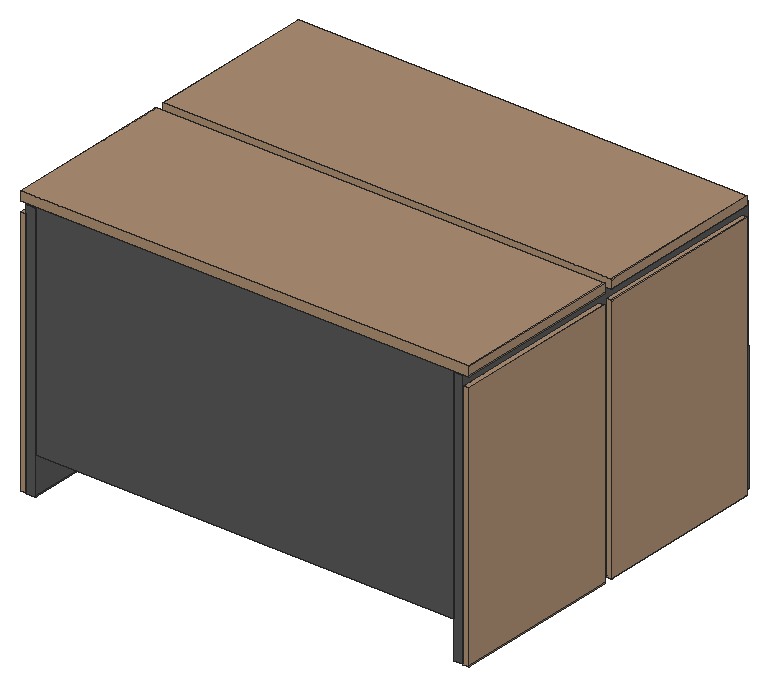
Revit family "Sanitary_Compound-Units_hansgrohe_54260XXX-Xilesa-E-Vanity-unit_780-470_2-drawer_wash-basin", category Furniture, host Face, Revit 2022
Family settings
  Host = Face
  OmniClass Number = 23.21.19.15.33.13
  OmniClass Title = Residential Bathroom Specialty Casework
  Cut with Voids When Loaded = No
  Render Appearance Source = Family Geometry
  Shared = No
  Room Calculation Point = No
Parameters (values of type "550 Cashmere Oak")
  Version = 1  # constant formula
  URL = "https://www.hansgrohe.com/"
  Product data url = "https://www.bimobject.com/en/hansgrohe/product/54260XXX"
  Product Page URL = "https://www.hansgrohe.com/articledetail--54260550"
  Model = "54260XXX"  # constant formula
  Material 3 = Hansgrohe - Metal - Black
  Material 2 = Hansgrohe - MDF - Matt Black
  Material 1 = Hansgrohe - MDF - 550 Cashmere Oak
  Manufacturer = "Hansgrohe"  # constant formula
  Height = 0 mm
  Description = "Xilesa E Vanity unit 780/470 with 2 drawers for wash basin"  # constant formula
  Default Elevation = 0 mm
  Date Updated = ""
  Date Created = "2024/02/03"  # constant formula
Types (5, lengths in mm): name | Material 1
  (no name) | Hansgrohe - MDF - 550 Cashmere Oak
  550 Cashmere Oak | Hansgrohe - MDF - 550 Cashmere Oak
  700 Matt White | Hansgrohe - MDF - 700 Matt White
  760 Slate Matt Grey | Hansgrohe - MDF - 760 Slate Matt Grey
  780 Sand Matt Beige | Hansgrohe - MDF - 780 Sand Matt Beige
Reference planes
  plane 1 "Center (Front/Back)": y = 0
  plane 2: z = 0
  plane 3 "Center (Left/Right)": x = 0
  plane 4: x = -390
  plane 5: x = 390
  plane 6: y = -620
  plane 7: z = 468
Dimensions and locks
  aligned and locked: plane 2 to host face
  aligned and locked: level to host face
Nested families
  nested 1: "54260XXX" at (0, -620, 0) x (1, 0, 0) z (0, 1, 0), Material 1 <- "Material 1", Material 2 <- "Material 2", Material 3 <- "Material 3", type "54260XXX"
    with Material 3 Hansgrohe - Metal - Black, Material 2 Hansgrohe - MDF - Matt Black, Material 1 Hansgrohe - MDF - 550 Cashmere Oak
Definition of nested family "54260XXX"
  Parameters (values of type "54260XXX")
    Version = 1  # constant formula
    URL = "https://www.hansgrohe.com/"
    Product data url = "https://www.bimobject.com/en/hansgrohe/product/54260XXX"
    Product Page URL = "https://www.hansgrohe.com/articledetail--54260550"
    Model = "54260XXX"  # constant formula
    Material 3 [instance] = none
    Material 2 [instance] = none
    Material 1 [instance] = none
    Manufacturer = "Hansgrohe"  # constant formula
    Description = "Xilesa E Vanity unit 780/470 with 2 drawers for wash basin"  # constant formula
    Default Elevation = 1219.2 mm
    Date Updated = ""
    Date Created = "2024/12/16"  # constant formula
  Reference planes
    plane 1 "Center (Front/Back)": y = 0
    plane 2: z = 0
    plane 3 "Center (Left/Right)": x = 0
  Forms (mm)
    Extrusion 1, solid, material <- "Material 1", detail levels medium+fine
      sketch origin (0, 0, 0) x (1, 0, 0) y (0, 1, 0)
        loop
          line (-380.6, 0) -> (-389.2, 0)
          arc (-389.2, 0) -> (-389.766, -0.234) -> (-390, -0.8) r 0.8
          line (-390, -0.8) -> (-390, -433.9)
          arc (-390, -433.9) -> (-389.766, -434.466) -> (-389.2, -434.7) r 0.8
          line (-389.2, -434.7) -> (-380.6, -434.7)
          arc (-380.6, -434.7) -> (-380.034, -434.466) -> (-379.8, -433.9) r 0.8
          line (-379.8, -433.9) -> (-379.8, -0.8)
          arc (-379.8, -0.8) -> (-380.034, -0.234) -> (-380.6, 0) r 0.8
        loop
          arc (380.6, 0) -> (380.034, -0.234) -> (379.8, -0.8) r 0.8
          line (379.8, -0.8) -> (379.8, -433.9)
          arc (379.8, -433.9) -> (380.034, -434.466) -> (380.6, -434.7) r 0.8
          line (380.6, -434.7) -> (389.2, -434.7)
          arc (389.2, -434.7) -> (389.766, -434.466) -> (390, -433.9) r 0.8
          line (390, -433.9) -> (390, -0.8)
          arc (390, -0.8) -> (389.766, -0.234) -> (389.2, 0) r 0.8
          line (389.2, 0) -> (380.6, 0)
      from 0 to 295
    Extrusion 2, solid, material <- "Material 1", detail levels medium+fine
      sketch origin (0, -90, 0) x (1, 0, 0) y (0, 1, 0)
        loop
          line (-389.2, -378) -> (389.2, -378)
          arc (389.2, -378) -> (389.766, -377.766) -> (390, -377.2) r 0.8
          line (390, -377.2) -> (390, -362.5)
          arc (390, -362.5) -> (389.766, -361.934) -> (389.2, -361.7) r 0.8
          line (389.2, -361.7) -> (-389.2, -361.7)
          arc (-389.2, -361.7) -> (-389.766, -361.934) -> (-390, -362.5) r 0.8
          line (-390, -362.5) -> (-390, -377.2)
          arc (-390, -377.2) -> (-389.766, -377.766) -> (-389.2, -378) r 0.8
      from 0 to 295
    Extrusion 3, solid, material <- "Material 2", detail levels medium+fine
      sketch origin (0, 0, 0) x (1, 0, 0) y (0, 1, 0)
        loop
          line (-379.8, -0.8) -> (-379.8, -448.9)
          arc (-379.8, -448.9) -> (-379.566, -449.466) -> (-379, -449.7) r 0.8
          line (-379, -449.7) -> (-364.6, -449.7)
          arc (-364.6, -449.7) -> (-364.034, -449.466) -> (-363.8, -448.9) r 0.8
          line (-363.8, -448.9) -> (-363.8, -0.8)
          arc (-363.8, -0.8) -> (-364.034, -0.234) -> (-364.6, 0) r 0.8
          line (-364.6, 0) -> (-379, 0)
          arc (-379, 0) -> (-379.566, -0.234) -> (-379.8, -0.8) r 0.8
        loop
          arc (379.8, -0.8) -> (379.566, -0.234) -> (379, 0) r 0.8
          line (379, 0) -> (364.6, 0)
          arc (364.6, 0) -> (364.034, -0.234) -> (363.8, -0.8) r 0.8
          line (363.8, -0.8) -> (363.8, -448.9)
          arc (363.8, -448.9) -> (364.034, -449.466) -> (364.6, -449.7) r 0.8
          line (364.6, -449.7) -> (379, -449.7)
          arc (379, -449.7) -> (379.566, -449.466) -> (379.8, -448.9) r 0.8
          line (379.8, -448.9) -> (379.8, -0.8)
      from 0 to 620
    Extrusion 4, solid, material <- "Material 2", detail levels fine
      sketch origin (0, 0, 0) x (1, 0, 0) y (0, 1, 0)
        loop
          line (-363.8, -65.2) -> (-363.8, -81.2) -> (363.8, -81.2) -> (363.8, -65.2) -> (-363.8, -65.2)
      from 17 to 125
    Extrusion 5, solid, material <- "Material 2", detail levels fine
      sketch origin (0, 0, 0) x (1, 0, 0) y (0, 1, 0)
        loop
          line (-363.8, -64.7) -> (-363.8, -451.7) -> (363.8, -451.7) -> (363.8, -64.7) -> (-363.8, -64.7)
      from 1 to 17
    Extrusion 6, solid, material <- "Material 3", detail levels fine
      sketch origin (0, -90, 0) x (1, 0, 0) y (0, 1, 0)
        loop
          line (-362.3, -356.9) -> (-362.3, -329.2) -> (-363.8, -329.2) -> (-363.8, -356.9)
          arc (-363.8, -356.9) -> (-363.126, -358.527) -> (-361.5, -359.2) r 2.3
          line (-361.5, -359.2) -> (361.5, -359.2)
          arc (361.5, -359.2) -> (363.126, -358.527) -> (363.8, -356.9) r 2.3
          line (363.8, -356.9) -> (363.8, -329.2) -> (362.3, -329.2) -> (362.3, -356.9)
          arc (362.3, -356.9) -> (362.066, -357.466) -> (361.5, -357.7) r 0.8
          line (361.5, -357.7) -> (-361.5, -357.7)
          arc (-361.5, -357.7) -> (-362.066, -357.466) -> (-362.3, -356.9) r 0.8
      from 569.5 to 619.5
    Extrusion 7, solid, material <- "Material 3", detail levels fine
      sketch origin (150, 0, 1) x (1, 0, 0) y (0, 0, 1)
        loop
          line (198.3, 213.03) -> (198.3, 231.03) -> (183.3, 231.03) -> (183.3, 224.03) -> (192.95, 224.03) -> (192.95, 213.03) -> (198.3, 213.03)
      from 88.7 to 361.7
    Extrusion 8, solid, material <- "Material 3", detail levels fine
      sketch origin (150, 0, 1) x (1, 0, 0) y (0, 0, 1)
        loop
          line (200.05, 211.28) -> (200.05, 232.78) -> (181.55, 232.78) -> (181.55, 211.28) -> (200.05, 211.28)
      from 451.7 to 361.7
    Extrusion 9, solid, material <- "Material 3", detail levels fine
      sketch origin (0, 0, 1) x (1, 0, 0) y (0, 0, 1)
        loop
          line (-342.5, 223.8) -> (-342.5, 113.608) -> (-348.2, 97.947) -> (-348.2, 48) -> (-319.9, 48) -> (-319.9, 223.8) -> (-342.5, 223.8)
        loop
          line (342.5, 223.8) -> (319.9, 223.8) -> (319.9, 48) -> (348.2, 48) -> (348.2, 97.947) -> (342.5, 113.608) -> (342.5, 223.8)
      from 91.9 to 109.4
    Extrusion 10, void
      sketch origin (0, 0, 1) x (1, 0, 0) y (0, 0, 1)
        loop
          line (-341.5, 222.8) -> (-341.5, 113.431) -> (-347.2, 97.771) -> (-347.2, 49) -> (-320.9, 49) -> (-320.9, 222.8) -> (-341.5, 222.8)
        loop
          line (341.5, 222.8) -> (320.9, 222.8) -> (320.9, 49) -> (347.2, 49) -> (347.2, 97.771) -> (341.5, 113.431) -> (341.5, 222.8)
      from 91.9 to 108.7
    Extrusion 11, solid, material <- "Material 2", detail levels fine
      sketch origin (0, 0, 0) x (0, 1, 0) y (0, 0, 1)
        loop
          line (-92.7, 35.48) -> (-92.7, 114.5)
          arc (-92.7, 114.5) -> (-92.847, 114.854) -> (-93.2, 115) r 0.5
          line (-93.2, 115) -> (-108.2, 115)
          arc (-108.2, 115) -> (-108.554, 114.854) -> (-108.7, 114.5) r 0.5
          line (-108.7, 114.5) -> (-108.7, 35.48)
          arc (-108.7, 35.48) -> (-108.554, 35.126) -> (-108.2, 34.98) r 0.5
          line (-108.2, 34.98) -> (-93.2, 34.98)
          arc (-93.2, 34.98) -> (-92.847, 35.126) -> (-92.7, 35.48) r 0.5
      from -320 to 320
    Extrusion 12, solid, material <- "Material 3", detail levels fine
      sketch origin (-150, 0, 1) x (-1, 0, 0) y (0, 0, -1)
        loop
          line (198.3, -213.03) -> (192.95, -213.03) -> (192.95, -224.03) -> (183.3, -224.03) -> (183.3, -231.03) -> (198.3, -231.03) -> (198.3, -213.03)
      from 88.7 to 361.7
    Extrusion 13, solid, material <- "Material 3", detail levels fine
      sketch origin (-150, 0, 1) x (-1, 0, 0) y (0, 0, -1)
        loop
          line (200.05, -211.28) -> (181.55, -211.28) -> (181.55, -232.78) -> (200.05, -232.78) -> (200.05, -211.28)
      from 451.7 to 361.7
    Extrusion 14, solid, material <- "Material 1", detail levels coarse
      sketch origin (0, 0, 0) x (1, 0, 0) y (0, 1, 0)
        loop
          line (-390, -468) -> (390, -468) -> (390, 0) -> (363.8, 0) -> (363.8, -451.7) -> (-363.8, -451.7) -> (-363.8, 0) -> (-390, 0) -> (-390, -468)
      from 0 to 620
    Extrusion 15, solid, material <- "Material 1", detail levels medium+fine
      sketch origin (0, 0, 0) x (1, 0, 0) y (0, 1, 0)
        loop
          line (-380.6, 0) -> (-389.2, 0)
          arc (-389.2, 0) -> (-389.766, -0.234) -> (-390, -0.8) r 0.8
          line (-390, -0.8) -> (-390, -433.9)
          arc (-390, -433.9) -> (-389.766, -434.466) -> (-389.2, -434.7) r 0.8
          line (-389.2, -434.7) -> (-380.6, -434.7)
          arc (-380.6, -434.7) -> (-380.034, -434.466) -> (-379.8, -433.9) r 0.8
          line (-379.8, -433.9) -> (-379.8, -0.8)
          arc (-379.8, -0.8) -> (-380.034, -0.234) -> (-380.6, 0) r 0.8
        loop
          arc (380.6, 0) -> (380.034, -0.234) -> (379.8, -0.8) r 0.8
          line (379.8, -0.8) -> (379.8, -433.9)
          arc (379.8, -433.9) -> (380.034, -434.466) -> (380.6, -434.7) r 0.8
          line (380.6, -434.7) -> (389.2, -434.7)
          arc (389.2, -434.7) -> (389.766, -434.466) -> (390, -433.9) r 0.8
          line (390, -433.9) -> (390, -0.8)
          arc (390, -0.8) -> (389.766, -0.234) -> (389.2, 0) r 0.8
          line (389.2, 0) -> (380.6, 0)
      from 310 to 605
    Extrusion 16, solid, material <- "Material 1", detail levels medium+fine
      sketch origin (0, -90, 0) x (1, 0, 0) y (0, 1, 0)
        loop
          line (-389.2, -378) -> (389.2, -378)
          arc (389.2, -378) -> (389.766, -377.766) -> (390, -377.2) r 0.8
          line (390, -377.2) -> (390, -362.5)
          arc (390, -362.5) -> (389.766, -361.934) -> (389.2, -361.7) r 0.8
          line (389.2, -361.7) -> (-389.2, -361.7)
          arc (-389.2, -361.7) -> (-389.766, -361.934) -> (-390, -362.5) r 0.8
          line (-390, -362.5) -> (-390, -377.2)
          arc (-390, -377.2) -> (-389.766, -377.766) -> (-389.2, -378) r 0.8
      from 310 to 605
    Extrusion 17, solid, material <- "Material 2", detail levels fine
      sketch origin (0, 0, 311) x (1, 0, 0) y (0, 0, 1)
        loop
          line (-322.898, 33.98) -> (322.898, 33.98) -> (322.898, 48.98) -> (-322.898, 48.98) -> (-322.898, 33.98)
      from 109.4 to 451.7
    Extrusion 18, solid, material <- "Material 3", detail levels fine
      sketch origin (150, 0, 311) x (1, 0, 0) y (0, 0, 1)
        loop
          line (198.3, 213.03) -> (198.3, 231.03) -> (183.3, 231.03) -> (183.3, 224.03) -> (192.95, 224.03) -> (192.95, 213.03) -> (198.3, 213.03)
      from 88.7 to 361.7
    Extrusion 19, solid, material <- "Material 3", detail levels fine
      sketch origin (150, 0, 311) x (1, 0, 0) y (0, 0, 1)
        loop
          line (200.05, 211.28) -> (200.05, 232.78) -> (181.55, 232.78) -> (181.55, 211.28) -> (200.05, 211.28)
      from 451.7 to 361.7
    Extrusion 20, solid, material <- "Material 3", detail levels fine
      sketch origin (0, 0, 311) x (1, 0, 0) y (0, 0, 1)
        loop
          line (-342.5, 223.8) -> (-342.5, 113.608) -> (-348.2, 97.947) -> (-348.2, 48) -> (-319.9, 48) -> (-319.9, 223.8) -> (-342.5, 223.8)
        loop
          line (342.5, 223.8) -> (319.9, 223.8) -> (319.9, 48) -> (348.2, 48) -> (348.2, 97.947) -> (342.5, 113.608) -> (342.5, 223.8)
      from 91.9 to 109.4
    Extrusion 21, void
      sketch origin (0, 0, 311) x (1, 0, 0) y (0, 0, 1)
        loop
          line (-341.5, 222.8) -> (-341.5, 113.431) -> (-347.2, 97.771) -> (-347.2, 49) -> (-320.9, 49) -> (-320.9, 222.8) -> (-341.5, 222.8)
        loop
          line (341.5, 222.8) -> (320.9, 222.8) -> (320.9, 49) -> (347.2, 49) -> (347.2, 97.771) -> (341.5, 113.431) -> (341.5, 222.8)
      from 91.9 to 108.7
    Extrusion 22, solid, material <- "Material 3", detail levels fine
      sketch origin (-150, 0, 311) x (-1, 0, 0) y (0, 0, -1)
        loop
          line (198.3, -213.03) -> (192.95, -213.03) -> (192.95, -224.03) -> (183.3, -224.03) -> (183.3, -231.03) -> (198.3, -231.03) -> (198.3, -213.03)
      from 88.7 to 361.7
    Extrusion 23, solid, material <- "Material 3", detail levels fine
      sketch origin (-150, 0, 311) x (-1, 0, 0) y (0, 0, -1)
        loop
          line (200.05, -211.28) -> (181.55, -211.28) -> (181.55, -232.78) -> (200.05, -232.78) -> (200.05, -211.28)
      from 451.7 to 361.7
    Extrusion 24, solid, material <- "Material 2", detail levels fine
      sketch origin (0, -90, 0) x (1, 0, 0) y (0, 1, 0)
        loop
          line (-362.3, -356.9) -> (-362.3, -329.2) -> (-363.8, -329.2) -> (-363.8, -356.9)
          arc (-363.8, -356.9) -> (-363.126, -358.527) -> (-361.5, -359.2) r 2.3
          line (-361.5, -359.2) -> (361.5, -359.2)
          arc (361.5, -359.2) -> (363.126, -358.527) -> (363.8, -356.9) r 2.3
          line (363.8, -356.9) -> (363.8, -329.2) -> (362.3, -329.2) -> (362.3, -356.9)
          arc (362.3, -356.9) -> (362.066, -357.466) -> (361.5, -357.7) r 0.8
          line (361.5, -357.7) -> (-361.5, -357.7)
          arc (-361.5, -357.7) -> (-362.066, -357.466) -> (-362.3, -356.9) r 0.8
      from 277 to 327
    Extrusion 25, solid, material <- "Material 2", detail levels fine
      sketch origin (0, 0, 1) x (1, 0, 0) y (0, 0, 1)
        loop
          line (-322.898, 33.98) -> (322.898, 33.98) -> (322.898, 48.98) -> (-322.898, 48.98) -> (-322.898, 33.98)
      from 109.4 to 451.7
    Extrusion 26, solid, material <- "Material 2", detail levels fine
      sketch origin (0, 0, 310) x (0, 1, 0) y (0, 0, 1)
        loop
          line (-92.7, 35.48) -> (-92.7, 114.5)
          arc (-92.7, 114.5) -> (-92.847, 114.854) -> (-93.2, 115) r 0.5
          line (-93.2, 115) -> (-108.2, 115)
          arc (-108.2, 115) -> (-108.554, 114.854) -> (-108.7, 114.5) r 0.5
          line (-108.7, 114.5) -> (-108.7, 35.48)
          arc (-108.7, 35.48) -> (-108.554, 35.127) -> (-108.2, 34.98) r 0.5
          line (-108.2, 34.98) -> (-93.2, 34.98)
          arc (-93.2, 34.98) -> (-92.847, 35.127) -> (-92.7, 35.48) r 0.5
      from -320 to 320
    Extrusion 27, solid, material <- "Material 3", detail levels fine
      sketch origin (0, 0, 311) x (1, 0, 0) y (0, 0, 1)
        loop
          line (352.091, 33.98) -> (352.091, 115.48) -> (333.591, 115.48) -> (332.786, 100.114) -> (330.22, 99.98) -> (327.791, 53.623)
          arc (327.791, 53.623) -> (326.271, 50.325) -> (322.898, 48.98) r 4.9
          line (322.898, 48.98) -> (322.898, 33.98) -> (352.091, 33.98)
        loop
          line (-352.091, 33.98) -> (-322.898, 33.98) -> (-322.898, 48.98)
          arc (-322.898, 48.98) -> (-326.271, 50.325) -> (-327.791, 53.623) r 4.9
          line (-327.791, 53.623) -> (-330.22, 99.98) -> (-332.786, 100.114) -> (-333.591, 115.48) -> (-352.091, 115.48) -> (-352.091, 33.98)
      from 109.4 to 451.7
    Extrusion 28, solid, material <- "Material 3", detail levels fine
      sketch origin (0, 0, 1) x (1, 0, 0) y (0, 0, 1)
        loop
          line (352.091, 33.98) -> (352.091, 115.48) -> (333.591, 115.48) -> (332.786, 100.114) -> (330.22, 99.98) -> (327.791, 53.623)
          arc (327.791, 53.623) -> (326.271, 50.325) -> (322.898, 48.98) r 4.9
          line (322.898, 48.98) -> (322.898, 33.98) -> (352.091, 33.98)
        loop
          line (-352.091, 33.98) -> (-322.898, 33.98) -> (-322.898, 48.98)
          arc (-322.898, 48.98) -> (-326.271, 50.325) -> (-327.791, 53.623) r 4.9
          line (-327.791, 53.623) -> (-330.22, 99.98) -> (-332.786, 100.114) -> (-333.591, 115.48) -> (-352.091, 115.48) -> (-352.091, 33.98)
      from 109.4 to 451.7
  Cuts and joins
    Extrusion 10 cuts Extrusion 9
    Extrusion 21 cuts Extrusion 20
  Lines and regions (mm)
    Masking region 1
      outline origin (0, 0, 0) x (1, 0, 0) y (0, 1, 0)
        loop
          line (-390, -0.8) -> (-390, -433.9)
          arc (-390, -433.9) -> (-389.766, -434.466) -> (-389.2, -434.7) r 0.8
          line (-389.2, -434.7) -> (-380.6, -434.7)
          arc (-380.6, -434.7) -> (-380.034, -434.466) -> (-379.8, -433.9) r 0.8
          line (-379.8, -433.9) -> (-379.8, -451.7) -> (-389.2, -451.7)
          arc (-389.2, -451.7) -> (-389.766, -451.934) -> (-390, -452.5) r 0.8
          line (-390, -452.5) -> (-390, -467.2)
          arc (-390, -467.2) -> (-389.766, -467.766) -> (-389.2, -468) r 0.8
          line (-389.2, -468) -> (0, -468) -> (389.2, -468)
          arc (389.2, -468) -> (389.766, -467.766) -> (390, -467.2) r 0.8
          line (390, -467.2) -> (390, -452.5)
          arc (390, -452.5) -> (389.766, -451.934) -> (389.2, -451.7) r 0.8
          line (389.2, -451.7) -> (379.8, -451.7) -> (379.8, -433.9)
          arc (379.8, -433.9) -> (380.034, -434.466) -> (380.6, -434.7) r 0.8
          line (380.6, -434.7) -> (389.2, -434.7)
          arc (389.2, -434.7) -> (389.766, -434.466) -> (390, -433.9) r 0.8
          line (390, -433.9) -> (390, -0.8)
          arc (390, -0.8) -> (389.766, -0.234) -> (389.2, 0) r 0.8
          line (389.2, 0) -> (380.6, 0)
          arc (380.6, 0) -> (380.034, -0.234) -> (379.8, -0.8) r 0.8
          arc (379.8, -0.8) -> (379.566, -0.234) -> (379, 0) r 0.8
          line (379, 0) -> (364.6, 0)
          arc (364.6, 0) -> (364.034, -0.234) -> (363.8, -0.8) r 0.8
          line (363.8, -0.8) -> (363.8, -64.7) -> (0, -64.7) -> (-363.8, -64.7) -> (-363.8, -0.8)
          arc (-363.8, -0.8) -> (-364.034, -0.234) -> (-364.6, 0) r 0.8
          line (-364.6, 0) -> (-379, 0)
          arc (-379, 0) -> (-379.566, -0.234) -> (-379.8, -0.8) r 0.8
          arc (-379.8, -0.8) -> (-380.034, -0.234) -> (-380.6, 0) r 0.8
          line (-380.6, 0) -> (-389.2, 0)
          arc (-389.2, 0) -> (-389.766, -0.234) -> (-390, -0.8) r 0.8
    Masking region 2
      outline origin (0, 0, 0) x (0, 1, 0) y (0, 0, 1)
        loop
          line (-449.7, 620) -> (-449.7, 543.78) -> (-451.7, 543.78) -> (-451.7, 605) -> (-468, 605) -> (-468, 310) -> (-451.7, 310) -> (-451.7, 344.98) -> (-449.7, 344.98) -> (-449.7, 233.78) -> (-451.7, 233.78) -> (-451.7, 295) -> (-468, 295) -> (-468, 0) -> (-451.7, 0) -> (-451.7, 34.98) -> (-449.7, 34.98) -> (-449.7, 0) -> (0, 0) -> (0, 620) -> (-449.7, 620)
    Masking region 3
      outline origin (0, 0, 0) x (1, 0, 0) y (0, 0, 1)
        loop
          line (-390, 605) -> (-390, 310) -> (-379.8, 310) -> (-379.8, 295) -> (-390, 295) -> (-390, 0) -> (0, 0) -> (390, 0) -> (390, 295) -> (379.8, 295) -> (379.8, 310) -> (390, 310) -> (390, 605) -> (379.8, 605) -> (379.8, 620) -> (0, 620) -> (-379.8, 620) -> (-379.8, 605) -> (-390, 605)
    symbolic lines, detail levels medium+fine
      curve 1: line (-379.8, -451.7, 0) -> (0, -451.7, 0)
      curve 2: line (-363.8, -64.7, 0) -> (-363.8, -451.7, 0)
      curve 3: line (-379.8, -0.8, 0) -> (-379.8, -433.9, 0)
      curve 4: line (-363.8, -81.2, 0) -> (0, -81.2, 0)
      curve 25: line (379.8, -451.7, 0) -> (0, -451.7, 0)
      curve 26: line (363.8, -64.7, 0) -> (363.8, -451.7, 0)
      curve 27: line (379.8, -0.8, 0) -> (379.8, -433.9, 0)
      curve 28: line (363.8, -81.2, 0) -> (0, -81.2, 0)
      curve 49: line (0, -451.7, 33.98) -> (0, -451.7, 233.78)
      curve 50: line (0, -449.7, 543.78) -> (0, -449.7, 344.98)
      curve 53: line (0, -451.7, 212.28) -> (0, -449.7, 212.28)
      curve 54: line (0, -451.7, 116.48) -> (0, -449.7, 116.48)
      curve 55: line (-379.8, 0, 605) -> (379.8, 0, 605)
      curve 56: line (-363.8, 0, 620) -> (-363.8, 0, 605)
      curve 57: line (363.8, 0, 620) -> (363.8, 0, 605)
      curve 62: line (0, -451.7, 344.98) -> (0, -451.7, 543.78)
      curve 63: line (0, -449.7, 233.78) -> (0, -449.7, 33.98)
      curve 65: line (-379.8, 0, 310) -> (379.8, 0, 310)
      curve 66: line (379.8, 0, 295) -> (-379.8, 0, 295)
    symbolic lines, detail levels fine
      curve 5: line (-352.091, -81.2, 0) -> (-352.091, -447.7, 0)
      curve 6: line (-330.22, -81.2, 0) -> (-330.22, -91.9, 0)
      curve 7: line (0, -91.9, 0) -> (-333.3, -91.9, 0)
      curve 8: line (-333.3, -109.4, 0) -> (0, -109.4, 0)
      curve 9: line (-348.3, -88.7, 0) -> (-348.3, -361.7, 0)
      curve 10: line (-333.3, -88.7, 0) -> (-348.3, -88.7, 0)
      curve 11: line (-350.05, -361.7, 0) -> (-350.05, -447.7, 0)
      curve 12: line (-350.05, -361.7, 0) -> (-331.55, -361.7, 0)
      curve 13: line (-331.55, -361.7, 0) -> (-331.55, -447.7, 0)
      curve 14: line (0, -447.7, 0) -> (-361.5, -447.7, 0)
      curve 15: arc (-361.5, -447.7, 0) -> (-362.066, -447.466, 0) -> (-362.3, -446.9, 0) r 0.8
      curve 16: line (-362.3, -446.9, 0) -> (-362.3, -419.2, 0)
      curve 17: line (-362.3, -419.2, 0) -> (-363.8, -419.2, 0)
      curve 18: arc (-363.8, -446.9, 0) -> (-363.126, -448.527, 0) -> (-361.5, -449.2, 0) r 2.3
      curve 19: line (-361.5, -449.2, 0) -> (0, -449.2, 0)
      curve 20: line (-352.091, -449.2, 0) -> (-352.091, -451.7, 0)
      curve 21: line (-350.05, -449.2, 0) -> (-350.05, -451.7, 0)
      curve 22: line (-333.3, -361.7, 0) -> (-333.3, -88.7, 0)
      curve 23: line (-331.55, -449.2, 0) -> (-331.55, -451.7, 0)
      curve 24: line (-330.22, -449.2, 0) -> (-330.22, -451.7, 0)
      curve 29: line (352.091, -81.2, 0) -> (352.091, -447.7, 0)
      curve 30: line (330.22, -81.2, 0) -> (330.22, -91.9, 0)
      curve 31: line (0, -91.9, 0) -> (333.3, -91.9, 0)
      curve 32: line (333.3, -109.4, 0) -> (0, -109.4, 0)
      curve 33: line (348.3, -88.7, 0) -> (348.3, -361.7, 0)
      curve 34: line (333.3, -88.7, 0) -> (348.3, -88.7, 0)
      curve 35: line (350.05, -361.7, 0) -> (350.05, -447.7, 0)
      curve 36: line (350.05, -361.7, 0) -> (331.55, -361.7, 0)
      curve 37: line (331.55, -361.7, 0) -> (331.55, -447.7, 0)
      curve 38: line (0, -447.7, 0) -> (361.5, -447.7, 0)
      curve 39: arc (361.5, -447.7, 0) -> (362.066, -447.466, 0) -> (362.3, -446.9, 0) r 0.8
      curve 40: line (362.3, -446.9, 0) -> (362.3, -419.2, 0)
      curve 41: line (362.3, -419.2, 0) -> (363.8, -419.2, 0)
      curve 42: arc (363.8, -446.9, 0) -> (363.126, -448.527, 0) -> (361.5, -449.2, 0) r 2.3
      curve 43: line (361.5, -449.2, 0) -> (0, -449.2, 0)
      curve 44: line (352.091, -449.2, 0) -> (352.091, -451.7, 0)
      curve 45: line (350.05, -449.2, 0) -> (350.05, -451.7, 0)
      curve 46: line (333.3, -361.7, 0) -> (333.3, -88.7, 0)
      curve 47: line (331.55, -449.2, 0) -> (331.55, -451.7, 0)
      curve 48: line (330.22, -449.2, 0) -> (330.22, -451.7, 0)
      curve 51: line (0, 0, 605) -> (0, -434.7, 605)
      curve 52: line (0, -434.7, 605) -> (0, -434.7, 310)
      curve 58: line (0, -434.7, 310) -> (0, 0, 310)
      curve 59: line (0, 0, 295) -> (0, -434.7, 295)
      curve 60: line (0, -434.7, 295) -> (0, -434.7, 0)
      curve 61: line (0, -451.7, 522.28) -> (0, -449.7, 522.28)
      curve 64: line (0, -449.7, 426.5) -> (0, -451.7, 426.5)
      curve 67: line (330.22, -109.4, 0) -> (330.22, -447.7, 0)
      curve 68: line (-330.22, -109.4, 0) -> (-330.22, -447.7, 0)
  Dimensions and locks
    aligned and locked: level to plane 2
    aligned and locked: Extrusion 18 to Extrusion 19
